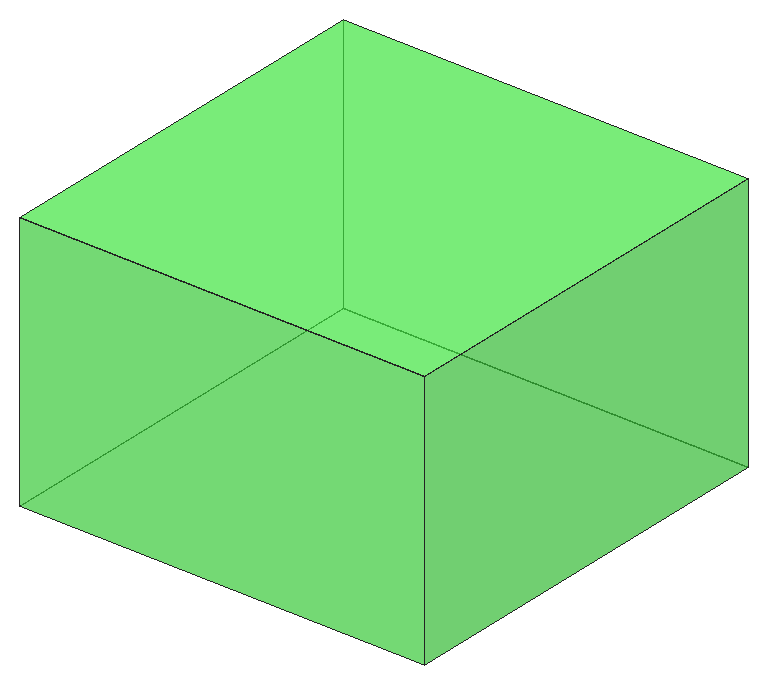
Revit family "貫通部_角形", category Generic Models, host Face, Revit 2023
Family settings
  Host = Face
  Can host rebar = No
  Round Connector Dimension = Use Diameter
  Part Type = Normal
  Cut with Voids When Loaded = Yes
  Maintain Annotation Orientation = No
  Shared = No
  Room Calculation Point = No
Parameters
  高さ [instance] = 300 mm
  Default Elevation = 1219.2 mm
  寸法a [instance] = 500 mm
  寸法 [instance] = 10 mm
Reference planes
  plane 1 "中心(正面/背面)": y = 0
  plane 2: z = 0
  plane 3 "中心(左/右)": x = 0
  plane 4: z = -300
Forms (mm)
  Extrusion 1, void
    sketch origin (0, 0, 0) x (1, 0, 0) y (0, 1, 0)
      loop
        line (-250, 250) -> (-250, -250) -> (250, -250) -> (250, 250) -> (-250, 250)
    from -300 to 0
  Extrusion 2, solid, material "既定「新規マテリアル」"
    sketch origin (0, 0, 0) x (1, 0, 0) y (0, 1, 0)
      loop
        line (-250, -250) -> (250, -250) -> (250, 250) -> (-250, 250) -> (-250, -250)
    from -310 to 10
Dimensions and locks
  "寸法a": Extrusion 1 sketch curve to Extrusion 1 sketch curve  (x2)
  equal spacing: Extrusion 1 sketch curve, plane 3 "中心(左/右)", Extrusion 1 sketch curve
  equal spacing: Extrusion 1 sketch curve, plane 1 "中心(正面/背面)", Extrusion 1 sketch curve
  "寸法a": Extrusion 2 sketch curve to Extrusion 2 sketch curve  (x2)
  equal spacing: Extrusion 2 sketch curve, plane 3 "中心(左/右)", Extrusion 2 sketch curve
  equal spacing: Extrusion 2 sketch curve, plane 1 "中心(正面/背面)", Extrusion 2 sketch curve
  "寸法": Extrusion 2 to host face
  "寸法": plane 4 to Extrusion 2
  "高さ": plane 4 to level
  aligned and locked: plane 2 to host face
  aligned and locked: level to host face
  aligned and locked: Extrusion 1 to plane 4
  aligned and locked: level to Extrusion 1
Automatic sketch dimensions
  host sketch curve to host sketch curve = 2438.4 mm  (x2)
